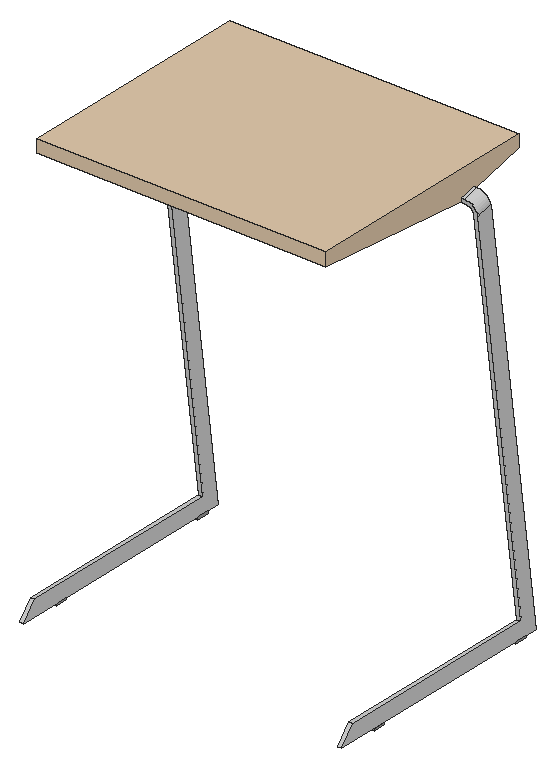
Revit family "PPP-NexSentials-Square-Arrow-Table", category Furniture, Revit 2014
Parameters (values of type "ART, Arrow Tbl")
  Width = 20"
  Glides = PPP Plastic - Black
  Depth = 15"
  URL = "www.peterpepper.com"
  Type Comments = "Arrow Table"  # constant formula
  Series = "NexSentials"  # constant formula
  Salvage or Reuse = yes
  Base [instance] = PPP Metal - Aluminum Metallic
  Percentage of Recycled Content = 0
  Model = "ART"
  Material = ""
  Manufacturer = "PPP"  # constant formula
  Low Emitting Material = yes
  Low Emitting Finish = yes
  Keynote = "12500"
  Height = 27 3/8"
  Description = "Arrow Table  20\"w x 27.375\"h x 15\"d"
  Top [instance] = PPP Laminate - Natural Maple MA3
  Assembly Code = "E2020200"
Reference planes (in)
  plane 1: z = 0
  plane 2 "Center Left/Right": x = 0
  plane 3: y = 2.13074
  plane 4: z = 0.125
  plane 5: z = 27.375
  plane 6: y = -12.86926
  plane 7: x = -10
  plane 8: x = 10
  plane 9: x = -9
  plane 10: x = 9
  plane 11: z = 26.575
  plane 12: z = 25.575
  plane 13: y = -1.86926
  plane 14: z = 24.575
  plane 15: x = -9.75
  plane 16: x = 9.75
  plane 17: through (0, 2.07651, 26.81905) normal (0, -0.2169, 0.9762)
  plane 18: through (0, 2.13029, 0.125) normal (0, 0.9906, 0.1369)
  plane 19: through (0, -2.43043, 25.81751) normal (0, -0.9906, -0.1369)
  plane 20: through (0, 2.13074, 26.575) normal (0, -0.2157, 0.9765)
  plane 21: through (0, -1.26247, 26.23213) normal (0, -0.9762, -0.2169)
  plane 22: through (0, -2.61245, 24.03056) normal (0, 0.9762, 0.2169)
  plane 23: through (0, -1.23585, 24.47853) normal (0, -0.2169, 0.9762)
  plane 24: z = 1.125
  plane 25: y = 1.38074
  plane 26: y = 0.63074
  plane 27: y = -10.36926
  plane 28: y = -9.61926
Forms (in)
  Extrusion 1, solid, material "PPP Laminate - Natural Maple MA3" <- "Top"
    sketch origin (0, 0, 0) x (0, 1, 0) y (0, 0, 1)
      loop
        line (2.13074, 27.375) -> (-12.86926, 27.375) -> (-12.86926, 26.575) -> (-2.39691, 25.575) -> (2.13074, 26.575) -> (2.13074, 27.375)
    from -9 to 9
  Extrusion 2, solid, material "PPP Metal - Aluminum Metallic" <- "Base"
    sketch origin (0, 0, 0) x (0, 1, 0) y (0, 0, 1)
      loop
        line (2.13029, 0.125) -> (-1.24918, 24.575) -> (-2.25869, 24.575) -> (0.98256, 1.125) -> (-12.03016, 1.125) -> (-12.86926, 0.125) -> (2.13029, 0.125)
    from -10 to -9.75
  Extrusion 3, solid, material "PPP Metal - Aluminum Metallic" <- "Base"
    sketch origin (-9, -2.43043, 25.81751) x (-1, 0, 0) y (0, 0.21693, -0.976187)
      loop
        line (0.75, 1.70491) -> (0.75, 0.74468)
        arc (0.75, 0.74468) -> (0.60355, 0.39112) -> (0.25, 0.24468) r 0.5
        line (0.25, 0.24468) -> (0, 0.24468) -> (0, 0) -> (0.25, 0)
        arc (0.25, 0) -> (0.78033, 0.21967) -> (1, 0.75) r 0.75
        line (1, 0.75) -> (1, 1.70491) -> (0.75, 1.70491)
    from -1.23008 to 0.56533
  Extrusion 4, void
    sketch origin (-9.25, -2.0959, 25.89185) x (0, -0.976187, -0.21693) y (0, 0.21693, -0.976187)
      loop
        line (0.34268, 0) -> (0.46242, 1.46917) -> (-0.5409, 1.46917) -> (-0.66063, 0) -> (0.34268, 0)
      loop
        line (-0.8874, -0.32146) -> (0.90801, -0.32146) -> (0.90801, 2.63298) -> (-0.8874, 2.63298) -> (-0.8874, -0.32146)
    from -0.75 to 0.25
  Extrusion 5, solid, material "PPP Metal - Aluminum Metallic" <- "Base"
    sketch origin (9, -2.43043, 25.81751) x (1, 0, 0) y (0, -0.21693, 0.976187)
      loop
        line (0.75, -1.56623) -> (1, -1.56623) -> (1, -0.75)
        arc (1, -0.75) -> (0.78033, -0.21967) -> (0.25, 0) r 0.75
        line (0.25, 0) -> (0, 0) -> (0, -0.24468) -> (0.25, -0.24468)
        arc (0.25, -0.24468) -> (0.60355, -0.39112) -> (0.75, -0.74468) r 0.5
        line (0.75, -0.74468) -> (0.75, -1.56623)
    from -1.23008 to 0.56533
  Extrusion 6, void
    sketch origin (9.25, -2.0959, 25.89185) x (0, -0.976187, -0.21693) y (0, -0.21693, 0.976187)
      loop
        line (0.34268, 0) -> (-0.66063, 0) -> (-0.53298, -1.56623) -> (0.47033, -1.56623) -> (0.34268, 0)
      loop
        line (-0.8874, 0.53095) -> (-0.8874, -2.73004) -> (0.90801, -2.73004) -> (0.90801, 0.53095) -> (-0.8874, 0.53095)
    from -0.75 to 0.25
  Extrusion 7, solid, material "PPP Metal - Aluminum Metallic" <- "Base"
    sketch origin (0, 0, 0) x (0, 1, 0) y (0, 0, 1)
      loop
        line (0.98256, 1.125) -> (-12.03016, 1.125) -> (-12.86926, 0.125) -> (2.13029, 0.125) -> (-1.23585, 24.47853) -> (-2.21527, 24.26088) -> (0.98256, 1.125)
    from 9.75 to 10
  Extrusion 8, solid, material "PPP Plastic - Black" <- "Glides"
    sketch origin (0, 3.17602, 24.575) x (0, 1, 0) y (-1, 0, 0)
      loop
        line (-1.79529, 10) -> (-2.54529, 10) -> (-2.54529, 9.75) -> (-1.79529, 9.75) -> (-1.79529, 10)
      loop
        line (-1.79529, -9.75) -> (-2.54529, -9.75) -> (-2.54529, -10) -> (-1.79529, -10) -> (-1.79529, -9.75)
      loop
        line (-12.79529, 10) -> (-13.54529, 10) -> (-13.54529, 9.75) -> (-12.79529, 9.75) -> (-12.79529, 10)
      loop
        line (-12.79529, -9.75) -> (-13.54529, -9.75) -> (-13.54529, -10) -> (-12.79529, -10) -> (-12.79529, -9.75)
    from -24.575 to -24.45
Cuts and joins
  Extrusion 6 cuts Extrusion 2
  Extrusion 4, Extrusion 6 cuts Extrusion 3
  joined: Extrusion 2, Extrusion 3
  Extrusion 6 cuts Extrusion 5
  joined: Extrusion 5, Extrusion 7
Lines and regions (in)
  symbolic lines
    curve 1: line (-9, 2.13074, 24.575) -> (9, 2.13074, 24.575)
    curve 2: line (-9, -12.86926, 24.575) -> (-9, 2.13074, 24.575)
    curve 3: line (9, -12.86926, 24.575) -> (-9, -12.86926, 24.575)
    curve 4: line (9, 2.13074, 24.575) -> (9, -12.86926, 24.575)
    curve 5: line (-10, -12.03016, 24.575) -> (-9.75, -12.03016, 24.575)
    curve 6: line (-10, -12.86926, 24.575) -> (-10, 2.13074, 24.575)
    curve 7: line (-9.75, -12.86926, 24.575) -> (-10, -12.86926, 24.575)
    curve 8: spline (-9.99987, -2.3274, 24.575) -> (-9.99376, -2.34068, 24.575) -> (-9.97517, -2.35374, 24.575) -> (-9.94443, -2.36637, 24.575) -> (-9.90204, -2.37834, 24.575) -> (-9.8487, -2.38947, 24.575) -> (-9.78533, -2.39956, 24.575) -> (-9.71297, -2.40844, 24.575) -> (-9.63284, -2.41597, 24.575) -> (-9.54627, -2.42203, 24.575) -> (-9.45473, -2.4265, 24.575) -> (-9.35973, -2.42931, 24.575) -> (-9.26288, -2.43043, 24.575)
    curve 9: line (-9.26288, -2.43043, 24.575) -> (-9, -2.43043, 24.575)
    curve 10: line (-9, -1.451, 24.575) -> (-9.26288, -1.451, 24.575)
    curve 11: spline (-9.26288, -1.451, 24.575) -> (-9.35973, -1.44989, 24.575) -> (-9.45473, -1.44707, 24.575) -> (-9.54627, -1.4426, 24.575) -> (-9.63284, -1.43655, 24.575) -> (-9.71297, -1.42902, 24.575) -> (-9.78533, -1.42013, 24.575) -> (-9.8487, -1.41004, 24.575) -> (-9.90204, -1.39892, 24.575) -> (-9.94443, -1.38694, 24.575) -> (-9.97517, -1.37432, 24.575) -> (-9.99376, -1.36125, 24.575) -> (-9.99987, -1.34797, 24.575)
    curve 12: spline (-9.74991, -1.34883, 24.575) -> (-9.74573, -1.35767, 24.575) -> (-9.73325, -1.36637, 24.575) -> (-9.71269, -1.37477, 24.575) -> (-9.68439, -1.38274, 24.575) -> (-9.64881, -1.39014, 24.575) -> (-9.60657, -1.39686, 24.575) -> (-9.55835, -1.40277, 24.575) -> (-9.50496, -1.40778, 24.575) -> (-9.44731, -1.4118, 24.575) -> (-9.38634, -1.41478, 24.575) -> (-9.32308, -1.41665, 24.575) -> (-9.25858, -1.41739, 24.575)
    curve 13: line (-9.25858, -1.41739, 24.575) -> (-9, -1.41739, 24.575)
    curve 14: line (-9.75, -2.40418, 24.575) -> (-9.75, -12.86926, 24.575)
    curve 15: line (-9.75, 2.13074, 24.575) -> (-9.75, -1.34883, 24.575)
    curve 16: line (-10, 2.13074, 24.575) -> (-9.75, 2.13074, 24.575)
    curve 17: line (10, -12.03016, 24.575) -> (9.75, -12.03016, 24.575)
    curve 18: line (10, -12.86926, 24.575) -> (10, 2.13074, 24.575)
    curve 19: line (9.75, -12.86926, 24.575) -> (10, -12.86926, 24.575)
    curve 20: spline (9.99987, -2.3274, 24.575) -> (9.99376, -2.34068, 24.575) -> (9.97517, -2.35374, 24.575) -> (9.94443, -2.36637, 24.575) -> (9.90204, -2.37834, 24.575) -> (9.8487, -2.38947, 24.575) -> (9.78533, -2.39956, 24.575) -> (9.71297, -2.40844, 24.575) -> (9.63284, -2.41597, 24.575) -> (9.54627, -2.42203, 24.575) -> (9.45473, -2.4265, 24.575) -> (9.35973, -2.42931, 24.575) -> (9.26288, -2.43043, 24.575)
    curve 21: line (9.26288, -2.43043, 24.575) -> (9, -2.43043, 24.575)
    curve 22: line (9, -1.451, 24.575) -> (9.26288, -1.451, 24.575)
    curve 23: spline (9.26288, -1.451, 24.575) -> (9.35973, -1.44989, 24.575) -> (9.45473, -1.44707, 24.575) -> (9.54627, -1.4426, 24.575) -> (9.63284, -1.43655, 24.575) -> (9.71297, -1.42902, 24.575) -> (9.78533, -1.42013, 24.575) -> (9.8487, -1.41004, 24.575) -> (9.90204, -1.39892, 24.575) -> (9.94443, -1.38694, 24.575) -> (9.97517, -1.37432, 24.575) -> (9.99376, -1.36125, 24.575) -> (9.99987, -1.34797, 24.575)
    curve 24: spline (9.74991, -1.34883, 24.575) -> (9.74573, -1.35767, 24.575) -> (9.73325, -1.36637, 24.575) -> (9.71269, -1.37477, 24.575) -> (9.68439, -1.38274, 24.575) -> (9.64881, -1.39014, 24.575) -> (9.60657, -1.39686, 24.575) -> (9.55835, -1.40277, 24.575) -> (9.50496, -1.40778, 24.575) -> (9.44731, -1.4118, 24.575) -> (9.38634, -1.41478, 24.575) -> (9.32308, -1.41665, 24.575) -> (9.25858, -1.41739, 24.575)
    curve 25: line (9.25858, -1.41739, 24.575) -> (9, -1.41739, 24.575)
    curve 26: line (9.75, -2.40418, 24.575) -> (9.75, -12.86926, 24.575)
    curve 27: line (9.75, 2.13074, 24.575) -> (9.75, -1.34883, 24.575)
    curve 28: line (10, 2.13074, 24.575) -> (9.75, 2.13074, 24.575)
Dimensions and locks (in)
  "Height": plane 5 to plane 1
  plane 24 to plane 4 to plane 1 = 1" locked, 1/8" locked
  equal spacing: plane 7, plane 2 "Center Left/Right", plane 8
  "Width": plane 7 to plane 8
  "Depth": plane 3 to plane 6
  plane 7 to plane 15 to plane 9 = 1/4" locked, 3/4" locked
  plane 10 to plane 16 to plane 8 = 3/4" locked, 1/4" locked
  plane 3 to plane 13 = 4"
  plane 14 to plane 12 to plane 11 to plane 5 = 1" locked, 1" locked, 0.8" locked
  Extrusion 4 sketch curve to plane 17 to Extrusion 4 sketch curve to Extrusion 4 sketch curve = 0.32146" locked, 1.46917" locked, 1.16381" locked
  locked: Extrusion 3 sketch curve to Extrusion 3 sketch curve at 0.24468
  locked: Extrusion 3 sketch curve to Extrusion 3 sketch curve at 0.25
  locked: plane 5 to Extrusion 3 sketch curve at 1.55749
  locked: plane 14 to Extrusion 3 sketch curve at 0.4218
  Extrusion 6 sketch curve to Extrusion 6 sketch curve to Extrusion 6 sketch curve = 1.16381" locked, 2.09718"
  locked: Extrusion 5 sketch curve to Extrusion 5 sketch curve at 0.24468
  locked: Extrusion 5 sketch curve to Extrusion 5 sketch curve at 0.25
  plane 3 to plane 25 to plane 26 = 3/4" locked, 3/4" locked
  plane 28 to plane 27 to plane 6 = 3/4" locked, 2 1/2" locked
  locked: plane 6 to Extrusion 2 sketch curve (angle 40.00°)
  locked: plane 6 to Extrusion 7 sketch curve (angle 40.00°)
  aligned and locked: plane 5 to Extrusion 1 sketch curve
  aligned and locked: plane 3 to Extrusion 1 sketch curve
  aligned and locked: plane 6 to Extrusion 1 sketch curve
  aligned and locked: plane 11 to Extrusion 1 sketch curve  (x2)
  aligned and locked: Extrusion 1 to plane 9
  aligned and locked: plane 10 to Extrusion 1
  aligned and locked: Extrusion 2 to plane 7
  aligned and locked: plane 15 to Extrusion 2
  aligned and locked: cut or joined group of Extrusion 2, Extrusion 3, Extrusion 4, Extrusion 6 to Extrusion 4
  aligned and locked: Extrusion 4 to cut or joined group of Extrusion 2, Extrusion 3, Extrusion 4, Extrusion 6
  aligned and locked: plane 14 to Extrusion 2
  aligned and locked: cut or joined group of Extrusion 2, Extrusion 3, Extrusion 4, Extrusion 6 to plane 21
  aligned and locked: cut or joined group of Extrusion 2, Extrusion 3, Extrusion 4, Extrusion 6 to plane 22
  aligned and locked: Extrusion 4 to plane 22
  aligned and locked: Extrusion 4 to plane 21
  aligned and locked: plane 7 to Extrusion 3 sketch curve
  aligned and locked: plane 15 to Extrusion 3 sketch curve
  aligned and locked: plane 9 to Extrusion 4
  aligned and locked: Extrusion 4 to plane 7
  aligned and locked: plane 16 to Extrusion 5 sketch curve
  aligned and locked: Extrusion 5 to Extrusion 6
  aligned and locked: Extrusion 5 to plane 23
  aligned and locked: Extrusion 6 to cut or joined group of Extrusion 2, Extrusion 3, Extrusion 4, Extrusion 6
  aligned and locked: cut or joined group of Extrusion 2, Extrusion 3, Extrusion 4, Extrusion 6 to Extrusion 6
  aligned and locked: Extrusion 6 to plane 21
  aligned and locked: Extrusion 6 to plane 22
  aligned and locked: Extrusion 7 sketch curve to plane 19
  aligned and locked: Extrusion 7 sketch curve to plane 18
  aligned and locked: Extrusion 7 sketch curve to plane 4
  aligned and locked: Extrusion 7 sketch curve to plane 23
  aligned and locked: plane 16 to Extrusion 7
  aligned and locked: plane 8 to Extrusion 7
  aligned and locked: Extrusion 2 sketch curve to plane 24
  aligned and locked: plane 6 to Extrusion 2 sketch curve
  aligned and locked: Extrusion 7 sketch curve to plane 24
  aligned and locked: plane 6 to Extrusion 7 sketch curve
  aligned and locked: Extrusion 8 sketch curve to plane 7
  aligned and locked: Extrusion 8 sketch curve to plane 15
  aligned and locked: Extrusion 8 sketch curve to plane 16
  aligned and locked: Extrusion 8 sketch curve to plane 8
  aligned and locked: Extrusion 8 sketch curve to plane 25
  aligned and locked: Extrusion 8 sketch curve to plane 26
  aligned and locked: Extrusion 8 sketch curve to plane 28
  aligned and locked: Extrusion 8 sketch curve to plane 27
  aligned and locked: plane 4 to Extrusion 8
  aligned and locked: Extrusion 8 to plane 1
Automatic sketch dimensions
  Extrusion 3 sketch curve to Extrusion 3 sketch curve = 0.50532"
  Extrusion 3 sketch curve to Extrusion 3 sketch curve = 0.95491"
  Extrusion 3 sketch curve to Extrusion 3 sketch curve = 0"
  Extrusion 3 sketch curve to plane 9 = 0"
  Extrusion 3 sketch curve to plane 17 = 0"
  Extrusion 3 sketch curve to plane 15 = 0"
  Extrusion 1 sketch curve to plane 6 = 0"
  plane 12 to Extrusion 1 sketch curve = 0"
  plane 19 to Extrusion 1 sketch curve = 0"
  Extrusion 2 sketch curve to plane 14 = 0"
  plane 19 to Extrusion 2 sketch curve = 0"  (x2)
  Extrusion 2 sketch curve to plane 18 = 0"  (x2)
  Extrusion 2 sketch curve to plane 4 = 0"
  plane 21 to Extrusion 4 sketch curve = 0"
  Extrusion 4 sketch curve to plane 17 = 0"
  Extrusion 4 sketch curve to plane 18 = 0"
  Extrusion 4 sketch curve to plane 14 = 0"
  plane 19 to Extrusion 4 sketch curve = 0"  (x2)
  plane 22 to Extrusion 4 sketch curve = 0"
  Extrusion 5 sketch curve to plane 10 = 0"
  Extrusion 5 sketch curve to plane 17 = 0"
  Extrusion 5 sketch curve to plane 23 = 0"
  plane 10 to Extrusion 5 sketch curve = 1/4"
  Extrusion 5 sketch curve to Extrusion 5 sketch curve = 0"
  plane 21 to Extrusion 6 sketch curve = 0"
  Extrusion 6 sketch curve to plane 17 = 0"
  Extrusion 6 sketch curve to plane 18 = 0"  (x2)
  Extrusion 6 sketch curve to plane 23 = 0"
  plane 19 to Extrusion 6 sketch curve = 0"  (x2)
  Extrusion 6 sketch curve to plane 22 = 0"
  Extrusion 8 sketch curve to plane 16 = 0"
  Extrusion 8 sketch curve to plane 27 = 0"
  Extrusion 8 sketch curve to plane 8 = 0"
  Extrusion 8 sketch curve to plane 28 = 0"
  Extrusion 8 sketch curve to plane 26 = 0"
  Extrusion 8 sketch curve to plane 25 = 0"
  Extrusion 8 sketch curve to plane 15 = 0"
  Extrusion 8 sketch curve to plane 7 = 0"
  curve 14 to plane 6 = 0"
  curve 26 to plane 6 = 0"
  curve 2 to plane 6 = 0"
  curve 5 to plane 15 = 0"
  curve 5 to plane 7 = 0"
  curve 17 to plane 16 = 0"
  curve 17 to plane 8 = 0"
  curve 9 to plane 9 = 0"
  curve 21 to plane 10 = 0"
  curve 27 to plane 16 = 0"
  curve 15 to plane 15 = 0"
  curve 15 to plane 3 = 0"
  curve 18 to plane 3 = 0"
  curve 4 to plane 3 = 0"
  curve 9 to plane 9 = 0.26288"
  plane 13 to curve 9 = 0.56116"
  plane 10 to curve 21 = 0.26288"
  plane 13 to curve 21 = 0.56116"
  curve 22 to plane 13 = 0.41826"
  curve 10 to plane 13 = 0.41826"
  curve 10 to curve 13 = 0.03361"
  curve 22 to curve 25 = 0.03361"
  plane 10 to curve 22 = 0.26288"
  curve 22 to curve 25 = 0.00429"
  curve 13 to plane 9 = 0.25858"
  curve 13 to curve 10 = 0.00429"
  curve 7 to curve 5 = 0.8391"
  curve 19 to curve 17 = 0.8391"
  curve 20 to curve 26 = 0.02624"
  curve 8 to curve 14 = 0.02624"
  curve 21 to curve 20 = 0.10284"
  plane 7 to curve 8 = 0.00013"  (x2)
  curve 14 to curve 8 = 0.0766"
  curve 20 to curve 20 = 0.00019"
  curve 25 to curve 24 = 0.06856"
  curve 24 to curve 27 = 0"
  plane 15 to curve 12 = 0.00009"
  curve 13 to curve 12 = 0.06856"
  curve 15 to curve 12 = 0"
  plane 7 to curve 11 = 0.00013"  (x2)
  curve 15 to curve 11 = 0.00067"
  curve 24 to curve 23 = 0.00067"
  curve 11 to curve 11 = 0.00019"
  curve 23 to plane 8 = 0.00013"
  curve 23 to curve 23 = 0.00019"
  curve 20 to plane 8 = 0.00013"
  curve 24 to plane 16 = 0.00009"
  curve 25 to curve 24 = 0.0095"
  curve 24 to curve 23 = 0.00046"
  curve 11 to curve 12 = 0.00046"
